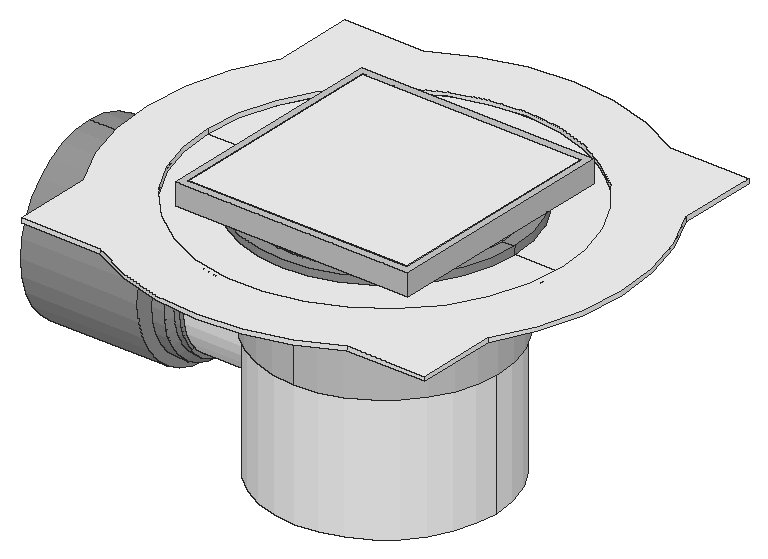
Revit family "HL_Трап для внутренних помещений_HL72.1", category Instalační zařizovací předměty, Revit 2016
Family settings
  Typ součásti = Normální
  Kóta kulaté spojky = Použít průměr
  Číslo OmniClass = 23.70.50.21.24.14
  Nadpis OmniClass = Deck Waste Water Drains
  Založené na pracovní rovině = Ne
  Vždy vertikální = Ano
  Ořezat dutým tvarem při načtení = Ne
  Sdílené = Ano
  Bod výpočtu místnosti = Ano
Parameters (values of type "HL72.1")
  РЕШЁТКА = "138x138mm / Kunststoff"
  РАЗМЕР = "DN75/110"
  ПРОПУСКНАЯ СПОСОБНОСТЬ = 1.16 L/s
  ПРОИЗВОДИТЕЛЬНОСТЬ = "1,5 l/s"
  ПРИЁМНОЕ ОТВЕРСТИЕ = ""
  ПРАВОВАЯ ИНФОРМАЦИЯ = "Авторские права(©), права на дизайн или какие либо другие права интелектуальной собственности являются исключительной собственностью компании HL Hutterer & Lechner. Изменению не подлежит. Файл семейства с данными о прозводителе изделия защищен паролем с водяным знаком."  # constant formula
  НОРМЫ = ""
  НОМИНАЛЬНЫЙ ДИАМЕТР = 110 mm
  НАСАДКА = "20-70mm / 147x147mm / PP"
  МАТЕРИАЛ = "PP"
  МАКСИМАЛЬНАЯ НАГРУЗКА КЛАССА = "K3 - 300 kg"
  ВЫСОТА МОНТАЖА = "170mm"
  ВЕС = "1,16 [kg]"
  Připojení ventilace = no
  Výrobce = "HL Hutterer & Lechner GmbH"  # constant formula
  URL = "http://www.hutterer-lechner.com/ru/products/catalog/floor-drains/attachments/HL72.1.aspx"
  Připojení odpadu = yes
  Připojení HW = no
  Popis = "Трапы для внутренних помещений"
  Model = "HL72.1"
  Komentáře k typům = "HL72.1 Трап для внутренних помещений DN75/110 горизонтальный с обжимным фланцем, 147х147мм/138х138мм синтетический материал."
  Keynote = "HL72.1"
  Высота монтажа [instance] = 170 mm
  EAN = "9003076710720"
  DN_test [instance] = if(or(НОМИНАЛЬНЫЙ ДИАМЕТР = 75 mm, НОМИНАЛЬНЫЙ ДИАМЕТР = 110 mm), 30 mm, 0 mm)  # 30 mm
  Připojení CW = no
  C [instance] = if(НОМИНАЛЬНЫЙ ДИАМЕТР = 75 mm, 153.7 mm, 187.1 mm)  # 187.1 mm
  B [instance] = if(НОМИНАЛЬНЫЙ ДИАМЕТР = 75 mm, Высота монтажа - 72.1 mm, Высота монтажа - 78.1 mm)  # 91.9 mm
  A [instance] = if(B - 100 mm > 15 mm, B - 100 mm, 15 mm)  # 15 mm
Reference planes
  plane 1 "Center (Front/Back)": y = 0
  plane 2: z = 0
  plane 3 "Center (Left/Right)": x = 0
  plane 4 "Ball Joint Vertical": x = 25.45
  plane 5: z = -170
  plane 6: z = -91.9
Lines and regions (mm)
  model lines, style "InvisibleLines"
    curve 1: line (0, 0, 0) -> (0, 0, 1000)
  reference lines
    curve 2: line (0, 0, -91.9) -> (-187.1, 0, -91.9)
  model lines, detail levels coarse+medium
    curve 3: line (0, 0, -91.9) -> (0, 0, -76.9)
    curve 4: line (0, 0, -76.9) -> (76.9, 0, 0)
    curve 5: line (0, 0, -76.9) -> (-76.9, 0, 0)
    curve 23: line (0, 0, -91.9) -> (-187.1, 0, -91.9)
  symbolic lines, detail levels coarse+medium
    curve 6: line (-75, 75, 0) -> (75, 75, 0)
    curve 7: line (-75, -75, 0) -> (-75, 75, 0)
    curve 8: line (75, -75, 0) -> (-75, -75, 0)
    curve 9: line (75, 75, 0) -> (75, -75, 0)
    curve 10: line (75, 75, 0) -> (145.711, 145.711, 0)
    curve 11: line (75, -75, 0) -> (145.711, -145.711, 0)
    curve 12: line (-75, 75, 0) -> (-145.711, 145.711, 0)
    curve 13: line (-75, -75, 0) -> (-145.711, -145.711, 0)
  symbolic lines, not visible, detail levels coarse+medium
    curve 14: line (-75, 75, 0) -> (75, 75, 0)
    curve 15: line (-75, -75, 0) -> (-75, 75, 0)
    curve 16: line (75, -75, 0) -> (-75, -75, 0)
    curve 17: line (75, 75, 0) -> (75, -75, 0)
    curve 18: line (75, 75, 0) -> (145.711, 145.711, 0)
    curve 19: line (75, -75, 0) -> (145.711, -145.711, 0)
    curve 20: line (-75, 75, 0) -> (-145.711, 145.711, 0)
    curve 21: line (-75, -75, 0) -> (-145.711, -145.711, 0)
  symbolic lines, style "InvisibleLines"
    curve 22: line (0, 0, 0) -> (0, 0, -30)
Text (mm)
  text "ПОЛ" at (-198.233, 0, -26.556), in view "Drain Construction View"
Dimensions and locks
  locked: plane 4 "Ball Joint Vertical" to plane 3 "Center (Left/Right)" at 25.45
  "Высота монтажа": plane 2 to plane 5
  "A": curve 5 to plane 6
  "B": curve 5 to plane 6
  "B": curve 4 to plane 6
  "B": plane 2 to plane 6
  locked: nested 5 to plane 5 at 25.75
  "DN_test": curve 22 to curve 22
  "C": plane 3 "Center (Left/Right)" to curve 23
  "C": plane 3 "Center (Left/Right)" to curve 2
  locked: curve 4 to plane 3 "Center (Left/Right)" (angle 45.00°)
  locked: plane 3 "Center (Left/Right)" to curve 5 (angle 45.00°)
  aligned and locked: level to plane 2
  aligned and locked: plane 2 to curve 1
  aligned and locked: plane 3 "Center (Left/Right)" to curve 1
  aligned and locked: plane 3 "Center (Left/Right)" to curve 2
  aligned and locked: plane 3 "Center (Left/Right)" to curve 3
  aligned and locked: plane 3 "Center (Left/Right)" to curve 5
  aligned and locked: plane 6 to curve 23
  aligned and locked: nested 1 to nested 3
  aligned and locked: plane 5 to nested 1
Automatic sketch dimensions
  level to curve 1 = 1000 mm
  curve 2 to plane 6 = 0 mm
Nested families
  nested 1: "HL_Корпус для трапа внутренних помещений_HL72.1K" at (0, 0, -14.2), type "HL72.1K_Main Component"
  nested 2: "HL_Насадка_HL0317.2E" at (0, 0, 0), type "HL0317.2E_Main Component"
    with Высота монтажа 70 mm, ВМ_Тест yes, ВМ 90 mm
  nested 3: "HL_Песколовка_HL0317.5E" at (0, 0, -20.45), type "HL0317.5E_Main Component"
  nested 4: "HL_Решётка_HL072.1E" at (0, 0, 0), type "HL072.1E_Main Component"
  nested 5: "HL_Уменьшение_HL0317.4E" at (-113.054, 0, -36.95) x (-1, 0, 0) z (0, 0, 1), type "HL0317.4E_Main Component"
Connectors
  piping at (-187.1, 0, -91.9), diameter 110, driven by "ПРОПУСКНАЯ СПОСОБНОСТЬ", driven by "НОМИНАЛЬНЫЙ ДИАМЕТР"
    settings: on curve 2, index 1, connector inside diameter 609.6 mm, connector length 0 mm, flow factor 0, pipe flow 1.16 L/s, pressure drop 0.0 Pa, fitting loss kfactor 0, connector angle 0.00°, fixture units 0, engagement length 0 mm, angle of deflection 0.00°, flow configuration 1, flow direction 2, fitting loss method 0, system type 16, joint type 0, gender type 0, connector reference index -1, connector utility 0, adjustable connector yes, is connector primary yes, connector description ""
Definition of nested family "HL_Корпус для трапа внутренних помещений_HL72.1K"
  Parameters (values of type "HL72.1K")
    РАЗМЕР = "DN75/110"
    ПРОИЗВОДИТЕЛЬНОСТЬ = "1,5 l/s"
    ПРАВОВАЯ ИНФОРМАЦИЯ = "Авторские права(©), права на дизайн или какие либо другие права интелектуальной собственности являются исключительной собственностью компании HL Hutterer & Lechner. Изменению не подлежит. Файл семейства с данными о прозводителе изделия защищен паролем с водяным знаком."  # constant formula
    МАТЕРИАЛ = "PP"
    ВЫСОТА МОНТАЖА = "150 mm"
    ВЕС = "0,52 [kg]"
    Waste Connection = yes
    Vent Connection = no
    Manufacturer = "HL Hutterer & Lechner GmbH"  # constant formula
    URL = "http://www.hutterer-lechner.com/ru/Products/catalog/floor-drains/attachments/HL72.1K.aspx"
    HW Connection = no
    Description = "Трапы для внутренних помещений - Комплектующие"
    Model = "HL72.1K"
    Type Comments = "HL72.1K Корпус трапа для внутренних помещений DN75 горизонтальный с обжимным фланцем."
    Keynote = "HL72.1K"
    EAN = "9003076008988"
    CW Connection = no
  Reference planes
    plane 1 "Center (Front/Back)": y = 0
    plane 2: z = 0
    plane 3 "Center (Left/Right)": x = 0
    plane 4 "Ball Joint Vertical": x = 25.45
  Forms (mm)
    Revolve 1, solid, detail levels fine
      sketch origin (0, 0, 0) x (1, 0, 0) y (0, 0, 1)
        loop
          line (0, -155.8) -> (71, -155.8) -> (71, -40.3) -> (83.205, -40.3) -> (89.5, -26.8) -> (89.5, -17) -> (94.734, -17) -> (95.169, -8.715) -> (79.5, -8.715) -> (79.5, -35.25) -> (68, -35.25) -> (68, -37.01) -> (60.505, -37.01) -> (60.505, -46.51) -> (68, -46.51) -> (68, -152.8) -> (0, -152.8) -> (0, -155.8)
        axis (0, -8.715) -> (0, -155.8)
      angle from 0 to 360
    Revolve 2, solid, detail levels fine
      sketch origin (0, 0, 0) x (1, 0, 0) y (0, 0, 1)
        loop
          line (82.5, 0) -> (74.9, 0)
          arc (74.9, 0) -> (72.291, -1.519) -> (72.325, -4.538) r 3
          line (72.325, -4.538) -> (72.999, -6.497) -> (72.999, -35.25) -> (79.5, -35.25) -> (79.5, -8.715) -> (82.5, -8.715) -> (82.5, 0)
        axis (0, 0) -> (0, -35.25)
      angle from 0 to 360
    Revolve 3, solid, detail levels fine
      sketch origin (0, 0, 0) x (1, 0, 0) y (0, 0, 1)
        loop
          line (-153.7, -46.25) -> (-153.7, -49.25) -> (-42.114, -49.25) -> (-42.114, -46.25) -> (-153.7, -46.25)
        axis (-153.7, -83.75) -> (-42.114, -83.75)
      angle from 0 to 360
    Extrusion 4, solid, detail levels fine
      sketch origin (0, 0, 0) x (1, 0, 0) y (0, 1, 0)
        loop
          circle (0, 0) r 60.505
      from -46.51 to -45.51
    Extrusion 5, void
      sketch origin (0, 0, 0) x (1, 0, 0) y (0, 1, 0)
        loop
          line (35.837, 48.75) -> (-19.675, 48.75) -> (-19.675, -48.75) -> (35.837, -48.75)
          arc (35.837, -48.75) -> (40.91, -44.579) -> (45.5, -39.883) r 60.505
          line (45.5, -39.883) -> (45.5, 39.883)
          arc (45.5, 39.883) -> (40.91, 44.579) -> (35.837, 48.75) r 60.505
      from -63.873 to -26.8
    Extrusion 6, solid, detail levels fine
      sketch origin (0, 0, 0) x (1, 0, 0) y (0, 1, 0)
        loop
          arc (35.837, 48.75) -> (34.778, 49.512) -> (33.702, 50.25) r 60.505
          line (33.702, 50.25) -> (-4.07, 50.25) -> (-4.07, 48.75) -> (35.837, 48.75)
        loop
          line (-4.07, -48.75) -> (-4.07, -50.25) -> (33.702, -50.25)
          arc (33.702, -50.25) -> (34.778, -49.512) -> (35.837, -48.75) r 60.505
          line (35.837, -48.75) -> (-4.07, -48.75)
        loop
          line (45.5, 39.883) -> (45.5, -39.883)
          arc (45.5, -39.883) -> (46.259, -39) -> (47, -38.103) r 60.505
          line (47, -38.103) -> (47, 38.103)
          arc (47, 38.103) -> (46.259, 39) -> (45.5, 39.883) r 60.505
      from -134.01 to -46.51
    Extrusion 7, solid, detail levels fine
      sketch origin (0, 0, 0) x (1, 0, 0) y (0, 0, 1)
        loop
          line (-21, -46.51) -> (-5.571, -134.01) -> (-4.07, -134.01) -> (-19.499, -46.51) -> (-21, -46.51)
      from 50.25 to -50.25
    Extrusion 8, solid, detail levels fine
      sketch origin (0, 0, 0) x (1, 0, 0) y (0, 0, 1)
        loop
          line (-4.07, -134.01) -> (-4.07, -46.51) -> (-19.499, -46.51) -> (-4.07, -134.01)
      from -48.75 to -50.25
    Extrusion 9, solid, detail levels fine
      sketch origin (0, 0, 0) x (1, 0, 0) y (0, 0, 1)
        loop
          line (-4.07, -46.51) -> (-19.499, -46.51) -> (-4.07, -134.01) -> (-4.07, -46.51)
      from 48.75 to 50.25
    Extrusion 10, void
      sketch origin (0, 0, 0) x (0, 1, 0) y (0, 0, 1)
        loop
          circle (0, -83.75) r 34.5
      from -42.114 to -128.469
    Revolve 11, void
      sketch origin (0, 0, 0) x (1, 0, 0) y (0, 0, 1)
        loop
          line (0, -129.446) -> (68, -129.446) -> (68, 17.174) -> (0, 17.174) -> (0, -129.446)
        axis (0, 17.174) -> (0, -129.446)
      angle from 0 to 360
    Extrusion 12, solid, detail levels fine
      sketch origin (0, 0, 0) x (1, 0, 0) y (0, 1, 0)
        loop
          arc (-30.916, 60.566) -> (-32.179, 59.904) -> (-33.429, 59.216) r 68
          arc (-33.429, 59.216) -> (-42.009, 0) -> (-33.429, -59.216) r 208.633
          arc (-33.429, -59.216) -> (-32.184, -59.901) -> (-30.926, -60.56) r 68
          arc (-30.926, -60.56) -> (-39.972, 0.003) -> (-30.916, 60.566) r 207.146
      from -75.3 to -152.8
    Extrusion 13, solid, detail levels fine
      sketch origin (0, 0, 0) x (1, 0, 0) y (0, 1, 0)
        loop
          line (-128, 128) -> (-128, 78.205)
          arc (-128, 78.205) -> (-150, 0) -> (-128, -78.205) r 150
          line (-128, -78.205) -> (-128, -128) -> (-78.205, -128)
          arc (-78.205, -128) -> (0, -150) -> (78.205, -128) r 150
          line (78.205, -128) -> (128, -128) -> (128, -78.205)
          arc (128, -78.205) -> (150, 0) -> (128, 78.205) r 150
          line (128, 78.205) -> (128, 128) -> (78.205, 128)
          arc (78.205, 128) -> (0, 150) -> (-78.205, 128) r 150
          line (-78.205, 128) -> (-128, 128)
        loop
          circle (0, 0) r 112.308
      from -1.759 to -4.538
    Revolve 14, solid, detail levels fine
      sketch origin (0, 0, 0) x (1, 0, 0) y (0, 0, 1)
        loop
          line (95.169, -8.715) -> (109.375, -7.472) -> (112.308, -4.538) -> (82.529, -4.538) -> (82.529, -8.715) -> (79.5, -8.715) -> (79.5, -17) -> (94.734, -17) -> (95.169, -8.715)
        axis (0, -4.538) -> (0, -17)
      angle from 0 to 360
  Cuts and joins
    Extrusion 10 cuts Revolve 1
    Extrusion 5 cuts Extrusion 4
    joined: Revolve 1, Extrusion 4, Extrusion 6, Extrusion 7, Extrusion 8, Extrusion 9, Extrusion 12
    Revolve 11 cuts Revolve 3
  Lines and regions (mm)
    model lines, detail levels fine
      curve 1: line (-5.307, 98.186, -4.538) -> (-3.194, 98.186, -4.538)
      curve 2: line (-4.093, 97.29, -4.538) -> (-5.307, 97.29, -4.538)
      curve 3: line (-4.093, 97.29, -4.538) -> (-4.093, 93.786, -4.538)
      curve 4: line (-3.194, 98.186, -4.538) -> (-3.194, 93.786, -4.538)
      curve 5: line (-1.279, 97.732, -4.538) -> (-1.279, 96.767, -4.538)
      curve 6: line (-2.179, 97.732, -4.538) -> (-2.179, 93.786, -4.538)
      curve 7: arc (-2.179, 97.732, -4.538) -> (-1.729, 98.182, -4.538) -> (-1.279, 97.732, -4.538) r 0.45
      curve 8: arc (-2.179, 93.786, -4.538) -> (-1.729, 93.336, -4.538) -> (-1.279, 93.786, -4.538) r 0.45
      curve 9: arc (-0.662, 96.154, -4.538) -> (-1.096, 96.333, -4.538) -> (-1.275, 96.767, -4.538) r 0.613
      curve 10: line (-1.279, 93.786, -4.538) -> (-1.279, 94.751, -4.538)
      curve 11: arc (-0.662, 95.364, -4.538) -> (-1.096, 95.185, -4.538) -> (-1.275, 94.751, -4.538) r 0.613
      curve 12: line (1.033, 97.732, -4.538) -> (1.033, 96.767, -4.538)
      curve 13: line (1.933, 97.732, -4.538) -> (1.933, 93.786, -4.538)
      curve 14: arc (1.933, 97.732, -4.538) -> (1.483, 98.182, -4.538) -> (1.033, 97.732, -4.538) r 0.45
      curve 15: arc (1.933, 93.786, -4.538) -> (1.483, 93.336, -4.538) -> (1.033, 93.786, -4.538) r 0.45
      curve 16: arc (0.417, 96.154, -4.538) -> (0.85, 96.333, -4.538) -> (1.03, 96.767, -4.538) r 0.613
      curve 17: line (1.033, 93.786, -4.538) -> (1.033, 94.751, -4.538)
      curve 18: arc (0.417, 95.364, -4.538) -> (0.85, 95.185, -4.538) -> (1.03, 94.751, -4.538) r 0.613
      curve 19: line (-0.662, 96.154, -4.538) -> (0.417, 96.154, -4.538)
      curve 20: line (-0.662, 95.364, -4.538) -> (0.417, 95.364, -4.538)
      curve 21: arc (-5.307, 98.186, -4.538) -> (-5.755, 97.738, -4.538) -> (-5.307, 97.29, -4.538) r 0.448
      curve 22: arc (-3.194, 93.786, -4.538) -> (-3.644, 93.337, -4.538) -> (-4.093, 93.786, -4.538) r 0.45
  Text (mm)
    text "ROOF/FLOOR" at (-198.233, 0, -26.556), in view "Drain Construction View"
  Dimensions and locks
    locked: plane 4 "Ball Joint Vertical" to plane 3 "Center (Left/Right)" at 25.45
    aligned and locked: level to plane 2
Definition of nested family "HL_Насадка_HL0317.2E"
  Parameters (values of type "HL0317.2E")
    РАЗМЕР = "d 145 mm"
    ПРАВОВАЯ ИНФОРМАЦИЯ = "Авторские права(©), права на дизайн или какие либо другие права интелектуальной собственности являются исключительной собственностью компании HL Hutterer & Lechner. Изменению не подлежит. Файл семейства с данными о прозводителе изделия защищен паролем с водяным знаком."  # constant formula
    НАСАДКА = "147x147mm"
    МАТЕРИАЛ = "PP-V2A"
    Высота монтажа [instance] = 70 mm
    ВЫСОТА МОНТАЖА = "20-70mm"
    ВМ_Тест [instance] = and(or(Высота монтажа < ВМ_Max, Высота монтажа > ВМ_Min, Высота монтажа = ВМ_Min))  # yes
    ВМ_Min = 20 mm
    ВМ_Max = 70 mm
    ВМ [instance] = if(ВМ_Тест, Высота монтажа + 20 mm, 0 mm)  # 90 mm
    ВЕС = "0,13 [kg]"
    Waste Connection = yes
    Vent Connection = no
    Manufacturer = "HL Hutterer & Lechner GmbH"  # constant formula
    URL = "http://www.hutterer-lechner.com/ru/Products/catalog/floor-drains/attachments/HL0317.2E.aspx"
    HW Connection = no
    Description = "Трапы для внутренних помещений - Комплектующие"
    Model = "HL0317.2E"
    Type Comments = "HL0317.2E Насадные подрамники d 145мм/90мм/147х147мм"
    Keynote = "HL0317.2E"
    EAN = "9003076317028"
    CW Connection = no
  Reference planes
    plane 1 "Center (Front/Back)": y = 0
    plane 2: z = 0
    plane 3 "Center (Left/Right)": x = 0
    plane 4 "Ball Joint Vertical": x = 25.45
    plane 5: z = -90
  Forms (mm)
    Extrusion 1, solid, detail levels fine
      sketch origin (0, 0, 0) x (1, 0, 0) y (0, 1, 0)
        loop
          line (69.5, 69.5) -> (-69.5, 69.5) -> (-69.5, -69.5) -> (69.5, -69.5) -> (69.5, 69.5)
        loop
          line (73.5, 73.5) -> (-73.5, 73.5) -> (-73.5, -73.5) -> (73.5, -73.5) -> (73.5, 73.5)
      from 0 to -14
    Extrusion 2, solid, detail levels fine
      sketch origin (0, 0, 0) x (1, 0, 0) y (0, 1, 0)
        loop
          line (-21.332, 69.5) -> (-69.5, 69.5) -> (-69.5, 21.332)
          arc (-69.5, 21.332) -> (-51.407, 51.407) -> (-21.332, 69.5) r 72.7
        loop
          line (69.5, 21.332) -> (69.5, 69.5) -> (21.332, 69.5)
          arc (21.332, 69.5) -> (51.407, 51.407) -> (69.5, 21.332) r 72.7
        loop
          line (21.332, -69.5) -> (69.5, -69.5) -> (69.5, -21.332)
          arc (69.5, -21.332) -> (51.407, -51.407) -> (21.332, -69.5) r 72.7
        loop
          line (-69.5, -21.332) -> (-69.5, -69.5) -> (-21.332, -69.5)
          arc (-21.332, -69.5) -> (-51.407, -51.407) -> (-69.5, -21.332) r 72.7
      from -5 to -14
    Revolve 3, solid, detail levels fine
      sketch origin (0, 0, 0) x (0, 1, 0) y (0, 0, 1)
        loop
          line (72.5, -14) -> (69.3, -14) -> (69.3, -90) -> (72.5, -90) -> (72.5, -14)
        axis (0, -14) -> (0, -90)
      angle from 0 to 360
  Cuts and joins
    joined: Extrusion 1, Extrusion 2, Revolve 3
  Lines and regions (mm)
    symbolic lines, not visible
      curve 1: line (0, 0, -90) -> (0, 0, 0)
    model lines
      curve 2: line (0, 0, 0) -> (0, 0, 100)
  Text (mm)
    text "ROOF/FLOOR" at (-198.233, 0, -26.556), in view "Drain Construction View"
  Dimensions and locks
    locked: plane 4 "Ball Joint Vertical" to plane 3 "Center (Left/Right)" at 25.45
    "ВМ": plane 2 to plane 5
    aligned and locked: level to plane 2
    aligned and locked: plane 5 to cut or joined group of Extrusion 1, Extrusion 2, Revolve 3
    aligned and locked: plane 2 to curve 1
    aligned and locked: plane 5 to curve 1
    aligned and locked: plane 3 "Center (Left/Right)" to curve 1
  Automatic sketch dimensions
    Extrusion 1 sketch curve to plane 3 "Center (Left/Right)" = 73.5 mm
    Extrusion 1 sketch curve to Extrusion 1 sketch curve = 4 mm  (x4)
    plane 4 "Ball Joint Vertical" to Extrusion 1 sketch curve = 44.05 mm
    plane 1 "Center (Front/Back)" to Extrusion 1 sketch curve = 73.5 mm
    Extrusion 1 sketch curve to plane 1 "Center (Front/Back)" = 69.5 mm
    Extrusion 2 sketch curve to Extrusion 2 sketch curve = 0 mm  (x13)
    plane 1 "Center (Front/Back)" to Extrusion 2 sketch curve = 0 mm
    Extrusion 2 sketch curve to plane 3 "Center (Left/Right)" = 0 mm
    Extrusion 2 sketch curve to plane 3 "Center (Left/Right)" = 21.332 mm  (x2)
    Extrusion 2 sketch curve to Extrusion 2 sketch curve = 48.168 mm  (x2)
    Extrusion 2 sketch curve to plane 4 "Ball Joint Vertical" = 4.118 mm  (x2)
    plane 4 "Ball Joint Vertical" to Extrusion 2 sketch curve = 44.05 mm  (x2)
    plane 1 "Center (Front/Back)" to Extrusion 2 sketch curve = 21.332 mm  (x2)
    Extrusion 2 sketch curve to plane 1 "Center (Front/Back)" = 21.332 mm
    Extrusion 2 sketch curve to plane 1 "Center (Front/Back)" = 69.5 mm
    Revolve 3 sketch curve to plane 1 "Center (Front/Back)" = 0 mm
    Revolve 3 sketch curve to plane 5 = 0 mm
    Revolve 3 sketch curve to level = 14 mm
    Revolve 3 sketch curve to plane 1 "Center (Front/Back)" = 69.3 mm
    Revolve 3 sketch curve to Revolve 3 sketch curve = 3.2 mm
    Revolve 3 sketch curve to plane 5 = 430.992 mm
    level to Revolve 3 sketch curve = 2741.474 mm
    curve 2 to curve 2 = 100 mm
Definition of nested family "HL_Песколовка_HL0317.5E"
  Parameters (values of type "HL0317.5E")
    ПРАВОВАЯ ИНФОРМАЦИЯ = "Авторские права(©), права на дизайн или какие либо другие права интелектуальной собственности являются исключительной собственностью компании HL Hutterer & Lechner. Изменению не подлежит. Файл семейства с данными о прозводителе изделия защищен паролем с водяным знаком."  # constant formula
    МАТЕРИАЛ = "PP"
    ВЕС = "0,03[kg]"
    Waste Connection = yes
    Vent Connection = no
    Manufacturer = "HL Hutterer & Lechner GmbH"  # constant formula
    URL = "http://www.hutterer-lechner.com/ru/Products/catalog/floor-drains/attachments/HL0317.5E.aspx"
    HW Connection = no
    Description = "Трапы для внутренних помещений - Комплектующие"
    Model = "HL0317.5E"
    Type Comments = "HL0317.5E Песколовка"
    Keynote = "HL0317.5E"
    EAN = "9003076317059"
    CW Connection = no
  Reference planes
    plane 1 "Center (Front/Back)": y = 0
    plane 2: z = 0
    plane 3 "Center (Left/Right)": x = 0
    plane 4 "Ball Joint Vertical": x = 25.45
  Forms (mm)
    Revolve 1, solid, detail levels fine
      sketch origin (0, 0, 0) x (0, 1, 0) y (0, 0, 1)
        loop
          line (69, -29) -> (69, 0) -> (67.3, 0) -> (67.3, -27.3) -> (22, -27.3) -> (22, -8) -> (19, -8) -> (19, -29) -> (69, -29)
        axis (0, 0) -> (0, -29)
      angle from 0 to 360
  Lines and regions (mm)
    model lines, detail levels fine
      curve 1: circle (-44.62, 0, -27.3) r 5 normal (0, 0, 1)
      curve 2: circle (0, 44.62, -27.3) r 5 normal (0, 0, 1)
      curve 3: circle (44.62, 0, -27.3) r 5 normal (0, 0, 1)
      curve 4: circle (0, -44.62, -27.3) r 5 normal (0, 0, -1)
      curve 5: circle (-38.642, 22.31, -27.3) r 5 normal (0, 0, 1)
      curve 6: circle (22.31, 38.642, -27.3) r 5 normal (0, 0, 1)
      curve 7: circle (38.642, -22.31, -27.3) r 5 normal (0, 0, 1)
      curve 8: circle (-22.31, -38.642, -27.3) r 5 normal (0, 0, -1)
      curve 9: circle (-22.31, 38.642, -27.3) r 5 normal (0, 0, 1)
      curve 10: circle (38.642, 22.31, -27.3) r 5 normal (0, 0, 1)
      curve 11: circle (22.31, -38.642, -27.3) r 5 normal (0, 0, 1)
      curve 12: circle (-38.642, -22.31, -27.3) r 5 normal (0, 0, -1)
  Text (mm)
    text "ROOF/FLOOR" at (-198.233, 0, -26.556), in view "Drain Construction View"
  Dimensions and locks
    locked: plane 4 "Ball Joint Vertical" to plane 3 "Center (Left/Right)" at 25.45
    aligned and locked: level to plane 2
Definition of nested family "HL_Решётка_HL072.1E"
  Parameters (values of type "HL072.1E")
    РАЗМЕР = "138x138 mm"
    ПРАВОВАЯ ИНФОРМАЦИЯ = "Авторские права(©), права на дизайн или какие либо другие права интелектуальной собственности являются исключительной собственностью компании HL Hutterer & Lechner. Изменению не подлежит. Файл семейства с данными о прозводителе изделия защищен паролем с водяным знаком."  # constant formula
    МАТЕРИАЛ = "PA"
    МАКСИМАЛЬНАЯ НАГРУЗКА КЛАССА = "K3 - 300 kg"
    ВЕС = "0,09 [kg]"
    Waste Connection = yes
    Vent Connection = no
    Manufacturer = "HL Hutterer & Lechner GmbH"  # constant formula
    URL = "http://www.hutterer-lechner.com/ru/Products/catalog/floor-drains/attachments/HL072.1E.aspx"
    HW Connection = no
    Description = "Трапы для внутренних помещений - Комплектующие"
    Model = "HL072.1E"
    Type Comments = "HL072.1E Решетка для сливного отверстия из пластмассы 138х138мм"
    Keynote = "HL072.1E"
    EAN = "9003076007219"
    CW Connection = no
  Reference planes
    plane 1 "Center (Front/Back)": y = 0
    plane 2: z = 0
    plane 3 "Center (Left/Right)": x = 0
    plane 4 "Ball Joint Vertical": x = 25.45
  Forms (mm)
    Extrusion 1, solid, detail levels fine
      sketch origin (0, 0, 0) x (1, 0, 0) y (0, 1, 0)
        loop
          line (-69, 69) -> (-69, -69) -> (69, -69) -> (69, 69) -> (-69, 69)
      from 0 to -5
    Extrusion 2, solid, detail levels fine
      sketch origin (0, 0, 0) x (1, 0, 0) y (0, 1, 0)
        loop
          line (-57, 57) -> (-57, -57) -> (57, -57) -> (57, 57) -> (-57, 57)
      from -5 to -10
  Cuts and joins
    joined: Extrusion 1, Extrusion 2
  Lines and regions (mm)
    model lines, detail levels fine
      curve 1: line (-53, 55.05, 0) -> (-49, 55.05, 0)
      curve 2: line (-47, 53.05, 0) -> (-47, 9.75, 0)
      curve 3: line (-55, 9.75, 0) -> (-55, 53.05, 0)
      curve 4: line (-49, 7.75, 0) -> (-53, 7.75, 0)
      curve 5: arc (-53, 55.05, 0) -> (-54.414, 54.464, 0) -> (-55, 53.05, 0) r 2
      curve 6: arc (-49, 55.05, 0) -> (-47.586, 54.464, 0) -> (-47, 53.05, 0) r 2
      curve 7: arc (-47, 9.75, 0) -> (-47.586, 8.336, 0) -> (-49, 7.75, 0) r 2
      curve 8: arc (-53, 7.75, 0) -> (-54.414, 8.336, 0) -> (-55, 9.75, 0) r 2
      curve 9: line (-36, 55.05, 0) -> (-32, 55.05, 0)
      curve 10: line (-30, 53.05, 0) -> (-30, 9.75, 0)
      curve 11: line (-38, 9.75, 0) -> (-38, 53.05, 0)
      curve 12: line (-32, 7.75, 0) -> (-36, 7.75, 0)
      curve 13: arc (-36, 55.05, 0) -> (-37.414, 54.464, 0) -> (-38, 53.05, 0) r 2
      curve 14: arc (-32, 55.05, 0) -> (-30.586, 54.464, 0) -> (-30, 53.05, 0) r 2
      curve 15: arc (-30, 9.75, 0) -> (-30.586, 8.336, 0) -> (-32, 7.75, 0) r 2
      curve 16: arc (-36, 7.75, 0) -> (-37.414, 8.336, 0) -> (-38, 9.75, 0) r 2
      curve 17: line (-19, 55.05, 0) -> (-15, 55.05, 0)
      curve 18: line (-13, 53.05, 0) -> (-13, 9.75, 0)
      curve 19: line (-21, 9.75, 0) -> (-21, 53.05, 0)
      curve 20: line (-15, 7.75, 0) -> (-19, 7.75, 0)
      curve 21: arc (-19, 55.05, 0) -> (-20.414, 54.464, 0) -> (-21, 53.05, 0) r 2
      curve 22: arc (-15, 55.05, 0) -> (-13.586, 54.464, 0) -> (-13, 53.05, 0) r 2
      curve 23: arc (-13, 9.75, 0) -> (-13.586, 8.336, 0) -> (-15, 7.75, 0) r 2
      curve 24: arc (-19, 7.75, 0) -> (-20.414, 8.336, 0) -> (-21, 9.75, 0) r 2
      curve 25: line (-2, 55.05, 0) -> (2, 55.05, 0)
      curve 26: line (4, 53.05, 0) -> (4, 9.75, 0)
      curve 27: line (-4, 9.75, 0) -> (-4, 53.05, 0)
      curve 28: line (2, 7.75, 0) -> (-2, 7.75, 0)
      curve 29: arc (-2, 55.05, 0) -> (-3.414, 54.464, 0) -> (-4, 53.05, 0) r 2
      curve 30: arc (2, 55.05, 0) -> (3.414, 54.464, 0) -> (4, 53.05, 0) r 2
      curve 31: arc (4, 9.75, 0) -> (3.414, 8.336, 0) -> (2, 7.75, 0) r 2
      curve 32: arc (-2, 7.75, 0) -> (-3.414, 8.336, 0) -> (-4, 9.75, 0) r 2
      curve 33: line (15, 55.05, 0) -> (19, 55.05, 0)
      curve 34: line (21, 53.05, 0) -> (21, 9.75, 0)
      curve 35: line (13, 9.75, 0) -> (13, 53.05, 0)
      curve 36: line (19, 7.75, 0) -> (15, 7.75, 0)
      curve 37: arc (15, 55.05, 0) -> (13.586, 54.464, 0) -> (13, 53.05, 0) r 2
      curve 38: arc (19, 55.05, 0) -> (20.414, 54.464, 0) -> (21, 53.05, 0) r 2
      curve 39: arc (21, 9.75, 0) -> (20.414, 8.336, 0) -> (19, 7.75, 0) r 2
      curve 40: arc (15, 7.75, 0) -> (13.586, 8.336, 0) -> (13, 9.75, 0) r 2
      curve 41: line (32, 55.05, 0) -> (36, 55.05, 0)
      curve 42: line (38, 53.05, 0) -> (38, 9.75, 0)
      curve 43: line (30, 9.75, 0) -> (30, 53.05, 0)
      curve 44: line (36, 7.75, 0) -> (32, 7.75, 0)
      curve 45: arc (32, 55.05, 0) -> (30.586, 54.464, 0) -> (30, 53.05, 0) r 2
      curve 46: arc (36, 55.05, 0) -> (37.414, 54.464, 0) -> (38, 53.05, 0) r 2
      curve 47: arc (38, 9.75, 0) -> (37.414, 8.336, 0) -> (36, 7.75, 0) r 2
      curve 48: arc (32, 7.75, 0) -> (30.586, 8.336, 0) -> (30, 9.75, 0) r 2
      curve 49: line (49, 55.05, 0) -> (53, 55.05, 0)
      curve 50: line (55, 53.05, 0) -> (55, 9.75, 0)
      curve 51: line (47, 9.75, 0) -> (47, 53.05, 0)
      curve 52: line (53, 7.75, 0) -> (49, 7.75, 0)
      curve 53: arc (49, 55.05, 0) -> (47.586, 54.464, 0) -> (47, 53.05, 0) r 2
      curve 54: arc (53, 55.05, 0) -> (54.414, 54.464, 0) -> (55, 53.05, 0) r 2
      curve 55: arc (55, 9.75, 0) -> (54.414, 8.336, 0) -> (53, 7.75, 0) r 2
      curve 56: arc (49, 7.75, 0) -> (47.586, 8.336, 0) -> (47, 9.75, 0) r 2
      curve 57: line (-53, -55.05, 0) -> (-49, -55.05, 0)
      curve 58: line (-47, -53.05, 0) -> (-47, -9.75, 0)
      curve 59: line (-55, -9.75, 0) -> (-55, -53.05, 0)
      curve 60: line (-49, -7.75, 0) -> (-53, -7.75, 0)
      curve 61: arc (-53, -55.05, 0) -> (-54.414, -54.464, 0) -> (-55, -53.05, 0) r 2
      curve 62: arc (-49, -55.05, 0) -> (-47.586, -54.464, 0) -> (-47, -53.05, 0) r 2
      curve 63: arc (-47, -9.75, 0) -> (-47.586, -8.336, 0) -> (-49, -7.75, 0) r 2
      curve 64: arc (-53, -7.75, 0) -> (-54.414, -8.336, 0) -> (-55, -9.75, 0) r 2
      curve 65: line (-36, -55.05, 0) -> (-32, -55.05, 0)
      curve 66: line (-30, -53.05, 0) -> (-30, -9.75, 0)
      curve 67: line (-38, -9.75, 0) -> (-38, -53.05, 0)
      curve 68: line (-32, -7.75, 0) -> (-36, -7.75, 0)
      curve 69: arc (-36, -55.05, 0) -> (-37.414, -54.464, 0) -> (-38, -53.05, 0) r 2
      curve 70: arc (-32, -55.05, 0) -> (-30.586, -54.464, 0) -> (-30, -53.05, 0) r 2
      curve 71: arc (-30, -9.75, 0) -> (-30.586, -8.336, 0) -> (-32, -7.75, 0) r 2
      curve 72: arc (-36, -7.75, 0) -> (-37.414, -8.336, 0) -> (-38, -9.75, 0) r 2
      curve 73: line (-19, -55.05, 0) -> (-15, -55.05, 0)
      curve 74: line (-13, -53.05, 0) -> (-13, -9.75, 0)
      curve 75: line (-21, -9.75, 0) -> (-21, -53.05, 0)
      curve 76: line (-15, -7.75, 0) -> (-19, -7.75, 0)
      curve 77: arc (-19, -55.05, 0) -> (-20.414, -54.464, 0) -> (-21, -53.05, 0) r 2
      curve 78: arc (-15, -55.05, 0) -> (-13.586, -54.464, 0) -> (-13, -53.05, 0) r 2
      curve 79: arc (-13, -9.75, 0) -> (-13.586, -8.336, 0) -> (-15, -7.75, 0) r 2
      curve 80: arc (-19, -7.75, 0) -> (-20.414, -8.336, 0) -> (-21, -9.75, 0) r 2
      curve 81: line (-2, -55.05, 0) -> (2, -55.05, 0)
      curve 82: line (4, -53.05, 0) -> (4, -9.75, 0)
      curve 83: line (-4, -9.75, 0) -> (-4, -53.05, 0)
      curve 84: line (2, -7.75, 0) -> (-2, -7.75, 0)
      curve 85: arc (-2, -55.05, 0) -> (-3.414, -54.464, 0) -> (-4, -53.05, 0) r 2
      curve 86: arc (2, -55.05, 0) -> (3.414, -54.464, 0) -> (4, -53.05, 0) r 2
      curve 87: arc (4, -9.75, 0) -> (3.414, -8.336, 0) -> (2, -7.75, 0) r 2
      curve 88: arc (-2, -7.75, 0) -> (-3.414, -8.336, 0) -> (-4, -9.75, 0) r 2
      curve 89: line (15, -55.05, 0) -> (19, -55.05, 0)
      curve 90: line (21, -53.05, 0) -> (21, -9.75, 0)
      curve 91: line (13, -9.75, 0) -> (13, -53.05, 0)
      curve 92: line (19, -7.75, 0) -> (15, -7.75, 0)
      curve 93: arc (15, -55.05, 0) -> (13.586, -54.464, 0) -> (13, -53.05, 0) r 2
      curve 94: arc (19, -55.05, 0) -> (20.414, -54.464, 0) -> (21, -53.05, 0) r 2
      curve 95: arc (21, -9.75, 0) -> (20.414, -8.336, 0) -> (19, -7.75, 0) r 2
      curve 96: arc (15, -7.75, 0) -> (13.586, -8.336, 0) -> (13, -9.75, 0) r 2
      curve 97: line (32, -55.05, 0) -> (36, -55.05, 0)
      curve 98: line (38, -53.05, 0) -> (38, -9.75, 0)
      curve 99: line (30, -9.75, 0) -> (30, -53.05, 0)
      curve 100: line (36, -7.75, 0) -> (32, -7.75, 0)
      curve 101: arc (32, -55.05, 0) -> (30.586, -54.464, 0) -> (30, -53.05, 0) r 2
      curve 102: arc (36, -55.05, 0) -> (37.414, -54.464, 0) -> (38, -53.05, 0) r 2
      curve 103: arc (38, -9.75, 0) -> (37.414, -8.336, 0) -> (36, -7.75, 0) r 2
      curve 104: arc (32, -7.75, 0) -> (30.586, -8.336, 0) -> (30, -9.75, 0) r 2
      curve 105: line (49, -55.05, 0) -> (53, -55.05, 0)
      curve 106: line (55, -53.05, 0) -> (55, -9.75, 0)
      curve 107: line (47, -9.75, 0) -> (47, -53.05, 0)
      curve 108: line (53, -7.75, 0) -> (49, -7.75, 0)
      curve 109: arc (49, -55.05, 0) -> (47.586, -54.464, 0) -> (47, -53.05, 0) r 2
      curve 110: arc (53, -55.05, 0) -> (54.414, -54.464, 0) -> (55, -53.05, 0) r 2
      curve 111: arc (55, -9.75, 0) -> (54.414, -8.336, 0) -> (53, -7.75, 0) r 2
      curve 112: arc (49, -7.75, 0) -> (47.586, -8.336, 0) -> (47, -9.75, 0) r 2
    model lines
      curve 113: line (0, 0, 0) -> (0, 0, 100)
  Text (mm)
    text "ROOF/FLOOR" at (-198.233, 0, -26.556), in view "Drain Construction View"
  Dimensions and locks
    locked: plane 4 "Ball Joint Vertical" to plane 3 "Center (Left/Right)" at 25.45
    aligned and locked: level to plane 2
Definition of nested family "HL_Уменьшение_HL0317.4E"
  Parameters (values of type "HL0317.4E")
    РАЗМЕР = "DN110xDN75"
    ПРАВОВАЯ ИНФОРМАЦИЯ = "Авторские права(©), права на дизайн или какие либо другие права интелектуальной собственности являются исключительной собственностью компании HL Hutterer & Lechner. Изменению не подлежит. Файл семейства с данными о прозводителе изделия защищен паролем с водяным знаком."  # constant formula
    МАТЕРИАЛ = "PP"
    ВЕС = "0,10 [kg]"
    Waste Connection = yes
    Vent Connection = no
    Manufacturer = "HL Hutterer & Lechner GmbH"  # constant formula
    URL = "http://www.hutterer-lechner.com/ru/Products/catalog/floor-drains/attachments/HL0317.4E.aspx"
    HW Connection = no
    Description = "Трапы для внутренних помещений - Комплектующие"
    Model = "HL0317.4E"
    Type Comments = "HL0317.4E Уменьшение DN110xDN75"
    Keynote = "HL0317.4E"
    EAN = "9003076317042"
    CW Connection = no
  Reference planes
    plane 1 "Center (Front/Back)": y = 0
    plane 2: z = 0
    plane 3 "Center (Left/Right)": x = 0
    plane 4 "Ball Joint Vertical": x = 25.45
  Forms (mm)
    Revolve 1, solid, detail levels fine
      sketch origin (0, 0, 0) x (1, 0, 0) y (0, 0, 1)
        loop
          line (74, -2.7) -> (74, 0) -> (0, 0) -> (0, -55) -> (3, -55) -> (3, -2.7) -> (74, -2.7)
        axis (74, -55) -> (0, -55)
      angle from 0 to 360
    Revolve 2, solid, detail levels fine
      sketch origin (0, 0, 0) x (1, 0, 0) y (0, 0, 1)
        loop
          line (-15, -21.165) -> (-15, -23.3) -> (39.9, -23.3) -> (39.9, -21.3) -> (0, -21.3) -> (0, -17) -> (-8.629, -17) -> (-11.112, -21.165) -> (-15, -21.165)
        axis (-15, -61) -> (39.9, -61)
      angle from 0 to 360
    Extrusion 3, void
      sketch origin (0, 0, 0) x (0, 1, 0) y (0, 0, 1)
        loop
          arc (-33.715, -46.537) -> (-35.917, -53.62) -> (-36.661, -61) r 36.983
          arc (-36.661, -61) -> (-12.182, -95.805) -> (28.85, -84.535) r 36.983
          arc (28.85, -84.535) -> (31.932, -80.198) -> (34.36, -75.463) r 36.983
          arc (34.36, -75.463) -> (36.561, -68.38) -> (37.305, -61) r 36.983
          arc (37.305, -61) -> (7.702, -24.761) -> (-33.715, -46.537) r 36.983
      from 55.439 to -38.757
  Cuts and joins
    Extrusion 3 cuts Revolve 1
  Text (mm)
    text "ROOF/FLOOR" at (-198.233, 0, -26.556), in view "Drain Construction View"
  Dimensions and locks
    locked: plane 4 "Ball Joint Vertical" to plane 3 "Center (Left/Right)" at 25.45
    aligned and locked: level to plane 2
